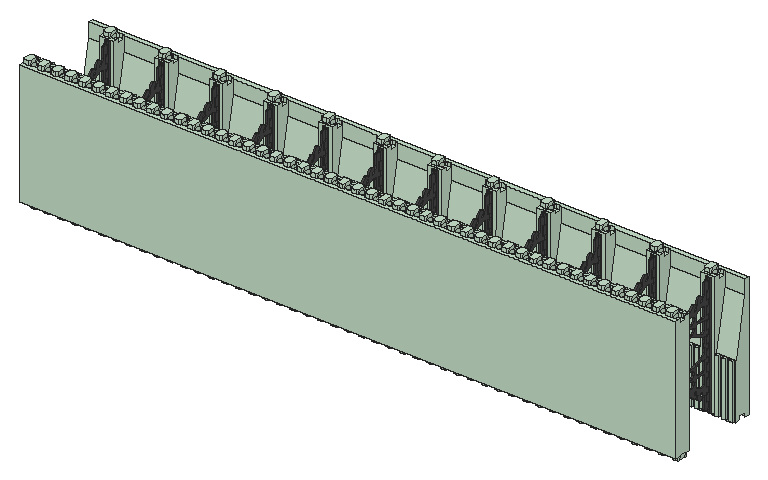
Revit family (continued)
Forms (mm)
  Extrusion 114, void
    sketch origin (2184.4, -0.018, 0) x (1, 0, 0) y (0, 1, 0)
      loop
        arc (25.4, 101.014) -> (26.615, 97.278) -> (29.796, 94.972) r 6.35
        arc (29.796, 94.972) -> (36.091, 93.737) -> (42.5, 94.024) r 26.988
        arc (42.5, 94.024) -> (43.786, 93.668) -> (44.346, 92.457) r 1.587
        line (44.346, 92.457) -> (44.346, 86.829) -> (48.685, 86.829) -> (48.685, 95.62)
        arc (48.685, 95.62) -> (48.795, 96.199) -> (49.108, 96.698) r 1.588
        arc (49.108, 96.698) -> (50.362, 98.696) -> (50.8, 101.014) r 6.35
        line (50.8, 101.014) -> (50.8, 124.411)
        arc (50.8, 124.411) -> (49.585, 128.147) -> (46.404, 130.453) r 6.35
        arc (46.404, 130.453) -> (38.1, 131.763) -> (29.796, 130.453) r 26.987
        arc (29.796, 130.453) -> (26.615, 128.147) -> (25.4, 124.411) r 6.35
    from 0 to 12.7
  Extrusion 115, void
    sketch origin (2133.6, -0.018, 0) x (1, 0, 0) y (0, 1, 0)
      loop
        line (25.4, 124.411) -> (25.4, 101.014)
        arc (25.4, 101.014) -> (26.615, 97.278) -> (29.796, 94.972) r 6.35
        arc (29.796, 94.972) -> (36.091, 93.737) -> (42.5, 94.024) r 26.988
        arc (42.5, 94.024) -> (43.786, 93.668) -> (44.346, 92.457) r 1.587
        line (44.346, 92.457) -> (44.346, 86.829) -> (48.685, 86.829) -> (48.685, 95.62)
        arc (48.685, 95.62) -> (48.795, 96.199) -> (49.108, 96.698) r 1.588
        arc (49.108, 96.698) -> (50.362, 98.696) -> (50.8, 101.014) r 6.35
        line (50.8, 101.014) -> (50.8, 124.411)
        arc (50.8, 124.411) -> (49.585, 128.147) -> (46.404, 130.453) r 6.35
        arc (46.404, 130.453) -> (38.1, 131.763) -> (29.796, 130.453) r 26.987
        arc (29.796, 130.453) -> (26.615, 128.147) -> (25.4, 124.411) r 6.35
    from 0 to 12.7
  Extrusion 116, void
    sketch origin (2082.8, -0.018, 0) x (1, 0, 0) y (0, 1, 0)
      loop
        line (25.4, 124.411) -> (25.4, 101.014)
        arc (25.4, 101.014) -> (26.615, 97.278) -> (29.796, 94.972) r 6.35
        arc (29.796, 94.972) -> (36.091, 93.737) -> (42.5, 94.024) r 26.988
        arc (42.5, 94.024) -> (43.786, 93.668) -> (44.346, 92.457) r 1.587
        line (44.346, 92.457) -> (44.346, 86.829) -> (48.685, 86.829) -> (48.685, 95.62)
        arc (48.685, 95.62) -> (48.795, 96.199) -> (49.108, 96.698) r 1.588
        arc (49.108, 96.698) -> (50.362, 98.696) -> (50.8, 101.014) r 6.35
        line (50.8, 101.014) -> (50.8, 124.411)
        arc (50.8, 124.411) -> (49.585, 128.147) -> (46.404, 130.453) r 6.35
        arc (46.404, 130.453) -> (38.1, 131.763) -> (29.796, 130.453) r 26.987
        arc (29.796, 130.453) -> (26.615, 128.147) -> (25.4, 124.411) r 6.35
    from 0 to 12.7
  Extrusion 117, void
    sketch origin (2032, -0.018, 0) x (1, 0, 0) y (0, 1, 0)
      loop
        line (25.4, 124.411) -> (25.4, 101.014)
        arc (25.4, 101.014) -> (26.615, 97.278) -> (29.796, 94.972) r 6.35
        arc (29.796, 94.972) -> (36.091, 93.737) -> (42.5, 94.024) r 26.988
        arc (42.5, 94.024) -> (43.786, 93.668) -> (44.346, 92.457) r 1.587
        line (44.346, 92.457) -> (44.346, 86.829) -> (48.685, 86.829) -> (48.685, 95.62)
        arc (48.685, 95.62) -> (48.795, 96.199) -> (49.108, 96.698) r 1.588
        arc (49.108, 96.698) -> (50.362, 98.696) -> (50.8, 101.014) r 6.35
        line (50.8, 101.014) -> (50.8, 124.411)
        arc (50.8, 124.411) -> (49.585, 128.147) -> (46.404, 130.453) r 6.35
        arc (46.404, 130.453) -> (38.1, 131.763) -> (29.796, 130.453) r 26.987
        arc (29.796, 130.453) -> (26.615, 128.147) -> (25.4, 124.411) r 6.35
    from 0 to 12.7
  Extrusion 118, void
    sketch origin (1981.2, -0.018, 0) x (1, 0, 0) y (0, 1, 0)
      loop
        line (25.4, 124.411) -> (25.4, 101.014)
        arc (25.4, 101.014) -> (26.615, 97.278) -> (29.796, 94.972) r 6.35
        arc (29.796, 94.972) -> (36.091, 93.737) -> (42.5, 94.024) r 26.988
        arc (42.5, 94.024) -> (43.786, 93.668) -> (44.346, 92.457) r 1.587
        line (44.346, 92.457) -> (44.346, 86.829) -> (48.685, 86.829) -> (48.685, 95.62)
        arc (48.685, 95.62) -> (48.795, 96.199) -> (49.108, 96.698) r 1.588
        arc (49.108, 96.698) -> (50.362, 98.696) -> (50.8, 101.014) r 6.35
        line (50.8, 101.014) -> (50.8, 124.411)
        arc (50.8, 124.411) -> (49.585, 128.147) -> (46.404, 130.453) r 6.35
        arc (46.404, 130.453) -> (38.1, 131.763) -> (29.796, 130.453) r 26.987
        arc (29.796, 130.453) -> (26.615, 128.147) -> (25.4, 124.411) r 6.35
    from 0 to 12.7
  Extrusion 119, void
    sketch origin (1930.4, -0.018, 0) x (1, 0, 0) y (0, 1, 0)
      loop
        line (25.4, 124.411) -> (25.4, 101.014)
        arc (25.4, 101.014) -> (26.615, 97.278) -> (29.796, 94.972) r 6.35
        arc (29.796, 94.972) -> (36.091, 93.737) -> (42.5, 94.024) r 26.988
        arc (42.5, 94.024) -> (43.786, 93.668) -> (44.346, 92.457) r 1.587
        line (44.346, 92.457) -> (44.346, 86.829) -> (48.685, 86.829) -> (48.685, 95.62)
        arc (48.685, 95.62) -> (48.795, 96.199) -> (49.108, 96.698) r 1.588
        arc (49.108, 96.698) -> (50.362, 98.696) -> (50.8, 101.014) r 6.35
        line (50.8, 101.014) -> (50.8, 124.411)
        arc (50.8, 124.411) -> (49.585, 128.147) -> (46.404, 130.453) r 6.35
        arc (46.404, 130.453) -> (38.1, 131.763) -> (29.796, 130.453) r 26.987
        arc (29.796, 130.453) -> (26.615, 128.147) -> (25.4, 124.411) r 6.35
    from 0 to 12.7
  Extrusion 120, void
    sketch origin (1879.6, -0.018, 0) x (1, 0, 0) y (0, 1, 0)
      loop
        line (25.4, 124.411) -> (25.4, 101.014)
        arc (25.4, 101.014) -> (26.615, 97.278) -> (29.796, 94.972) r 6.35
        arc (29.796, 94.972) -> (36.091, 93.737) -> (42.5, 94.024) r 26.988
        arc (42.5, 94.024) -> (43.786, 93.668) -> (44.346, 92.457) r 1.587
        line (44.346, 92.457) -> (44.346, 86.829) -> (48.685, 86.829) -> (48.685, 95.62)
        arc (48.685, 95.62) -> (48.795, 96.199) -> (49.108, 96.698) r 1.588
        arc (49.108, 96.698) -> (50.362, 98.696) -> (50.8, 101.014) r 6.35
        line (50.8, 101.014) -> (50.8, 124.411)
        arc (50.8, 124.411) -> (49.585, 128.147) -> (46.404, 130.453) r 6.35
        arc (46.404, 130.453) -> (38.1, 131.763) -> (29.796, 130.453) r 26.987
        arc (29.796, 130.453) -> (26.615, 128.147) -> (25.4, 124.411) r 6.35
    from 0 to 12.7
  Extrusion 121, void
    sketch origin (1828.8, -0.018, 0) x (1, 0, 0) y (0, 1, 0)
      loop
        line (25.4, 124.411) -> (25.4, 101.014)
        arc (25.4, 101.014) -> (26.615, 97.278) -> (29.796, 94.972) r 6.35
        arc (29.796, 94.972) -> (36.091, 93.737) -> (42.5, 94.024) r 26.988
        arc (42.5, 94.024) -> (43.786, 93.668) -> (44.346, 92.457) r 1.587
        line (44.346, 92.457) -> (44.346, 86.829) -> (48.685, 86.829) -> (48.685, 95.62)
        arc (48.685, 95.62) -> (48.795, 96.199) -> (49.108, 96.698) r 1.588
        arc (49.108, 96.698) -> (50.362, 98.696) -> (50.8, 101.014) r 6.35
        line (50.8, 101.014) -> (50.8, 124.411)
        arc (50.8, 124.411) -> (49.585, 128.147) -> (46.404, 130.453) r 6.35
        arc (46.404, 130.453) -> (38.1, 131.763) -> (29.796, 130.453) r 26.987
        arc (29.796, 130.453) -> (26.615, 128.147) -> (25.4, 124.411) r 6.35
    from 0 to 12.7
  Extrusion 122, void
    sketch origin (1778, -0.018, 0) x (1, 0, 0) y (0, 1, 0)
      loop
        line (25.4, 124.411) -> (25.4, 101.014)
        arc (25.4, 101.014) -> (26.615, 97.278) -> (29.796, 94.972) r 6.35
        arc (29.796, 94.972) -> (36.091, 93.737) -> (42.5, 94.024) r 26.988
        arc (42.5, 94.024) -> (43.786, 93.668) -> (44.346, 92.457) r 1.587
        line (44.346, 92.457) -> (44.346, 86.829) -> (48.685, 86.829) -> (48.685, 95.62)
        arc (48.685, 95.62) -> (48.795, 96.199) -> (49.108, 96.698) r 1.588
        arc (49.108, 96.698) -> (50.362, 98.696) -> (50.8, 101.014) r 6.35
        line (50.8, 101.014) -> (50.8, 124.411)
        arc (50.8, 124.411) -> (49.585, 128.147) -> (46.404, 130.453) r 6.35
        arc (46.404, 130.453) -> (38.1, 131.763) -> (29.796, 130.453) r 26.987
        arc (29.796, 130.453) -> (26.615, 128.147) -> (25.4, 124.411) r 6.35
    from 0 to 12.7
  Extrusion 123, void
    sketch origin (1727.2, -0.018, 0) x (1, 0, 0) y (0, 1, 0)
      loop
        line (25.4, 124.411) -> (25.4, 101.014)
        arc (25.4, 101.014) -> (26.615, 97.278) -> (29.796, 94.972) r 6.35
        arc (29.796, 94.972) -> (36.091, 93.737) -> (42.5, 94.024) r 26.988
        arc (42.5, 94.024) -> (43.786, 93.668) -> (44.346, 92.457) r 1.587
        line (44.346, 92.457) -> (44.346, 86.829) -> (48.685, 86.829) -> (48.685, 95.62)
        arc (48.685, 95.62) -> (48.795, 96.199) -> (49.108, 96.698) r 1.588
        arc (49.108, 96.698) -> (50.362, 98.696) -> (50.8, 101.014) r 6.35
        line (50.8, 101.014) -> (50.8, 124.411)
        arc (50.8, 124.411) -> (49.585, 128.147) -> (46.404, 130.453) r 6.35
        arc (46.404, 130.453) -> (38.1, 131.763) -> (29.796, 130.453) r 26.987
        arc (29.796, 130.453) -> (26.615, 128.147) -> (25.4, 124.411) r 6.35
    from 0 to 12.7
  Extrusion 124, void
    sketch origin (1676.4, -0.018, 0) x (1, 0, 0) y (0, 1, 0)
      loop
        line (25.4, 124.411) -> (25.4, 101.014)
        arc (25.4, 101.014) -> (26.615, 97.278) -> (29.796, 94.972) r 6.35
        arc (29.796, 94.972) -> (36.091, 93.737) -> (42.5, 94.024) r 26.988
        arc (42.5, 94.024) -> (43.786, 93.668) -> (44.346, 92.457) r 1.587
        line (44.346, 92.457) -> (44.346, 86.829) -> (48.685, 86.829) -> (48.685, 95.62)
        arc (48.685, 95.62) -> (48.795, 96.199) -> (49.108, 96.698) r 1.588
        arc (49.108, 96.698) -> (50.362, 98.696) -> (50.8, 101.014) r 6.35
        line (50.8, 101.014) -> (50.8, 124.411)
        arc (50.8, 124.411) -> (49.585, 128.147) -> (46.404, 130.453) r 6.35
        arc (46.404, 130.453) -> (38.1, 131.763) -> (29.796, 130.453) r 26.987
        arc (29.796, 130.453) -> (26.615, 128.147) -> (25.4, 124.411) r 6.35
    from 0 to 12.7
  Extrusion 125, void
    sketch origin (1625.6, -0.018, 0) x (1, 0, 0) y (0, 1, 0)
      loop
        line (25.4, 124.411) -> (25.4, 101.014)
        arc (25.4, 101.014) -> (26.615, 97.278) -> (29.796, 94.972) r 6.35
        arc (29.796, 94.972) -> (36.091, 93.737) -> (42.5, 94.024) r 26.988
        arc (42.5, 94.024) -> (43.786, 93.668) -> (44.346, 92.457) r 1.587
        line (44.346, 92.457) -> (44.346, 86.829) -> (48.685, 86.829) -> (48.685, 95.62)
        arc (48.685, 95.62) -> (48.795, 96.199) -> (49.108, 96.698) r 1.588
        arc (49.108, 96.698) -> (50.362, 98.696) -> (50.8, 101.014) r 6.35
        line (50.8, 101.014) -> (50.8, 124.411)
        arc (50.8, 124.411) -> (49.585, 128.147) -> (46.404, 130.453) r 6.35
        arc (46.404, 130.453) -> (38.1, 131.763) -> (29.796, 130.453) r 26.987
        arc (29.796, 130.453) -> (26.615, 128.147) -> (25.4, 124.411) r 6.35
    from 0 to 12.7
  Extrusion 126, void
    sketch origin (1574.8, -0.018, 0) x (1, 0, 0) y (0, 1, 0)
      loop
        line (25.4, 124.411) -> (25.4, 101.014)
        arc (25.4, 101.014) -> (26.615, 97.278) -> (29.796, 94.972) r 6.35
        arc (29.796, 94.972) -> (36.091, 93.737) -> (42.5, 94.024) r 26.988
        arc (42.5, 94.024) -> (43.786, 93.668) -> (44.346, 92.457) r 1.587
        line (44.346, 92.457) -> (44.346, 86.829) -> (48.685, 86.829) -> (48.685, 95.62)
        arc (48.685, 95.62) -> (48.795, 96.199) -> (49.108, 96.698) r 1.588
        arc (49.108, 96.698) -> (50.362, 98.696) -> (50.8, 101.014) r 6.35
        line (50.8, 101.014) -> (50.8, 124.411)
        arc (50.8, 124.411) -> (49.585, 128.147) -> (46.404, 130.453) r 6.35
        arc (46.404, 130.453) -> (38.1, 131.763) -> (29.796, 130.453) r 26.987
        arc (29.796, 130.453) -> (26.615, 128.147) -> (25.4, 124.411) r 6.35
    from 0 to 12.7
  Extrusion 127, void
    sketch origin (1524, -0.018, 0) x (1, 0, 0) y (0, 1, 0)
      loop
        line (25.4, 124.411) -> (25.4, 101.014)
        arc (25.4, 101.014) -> (26.615, 97.278) -> (29.796, 94.972) r 6.35
        arc (29.796, 94.972) -> (36.091, 93.737) -> (42.5, 94.024) r 26.988
        arc (42.5, 94.024) -> (43.786, 93.668) -> (44.346, 92.457) r 1.587
        line (44.346, 92.457) -> (44.346, 86.829) -> (48.685, 86.829) -> (48.685, 95.62)
        arc (48.685, 95.62) -> (48.795, 96.199) -> (49.108, 96.698) r 1.588
        arc (49.108, 96.698) -> (50.362, 98.696) -> (50.8, 101.014) r 6.35
        line (50.8, 101.014) -> (50.8, 124.411)
        arc (50.8, 124.411) -> (49.585, 128.147) -> (46.404, 130.453) r 6.35
        arc (46.404, 130.453) -> (38.1, 131.763) -> (29.796, 130.453) r 26.987
        arc (29.796, 130.453) -> (26.615, 128.147) -> (25.4, 124.411) r 6.35
    from 0 to 12.7
  Extrusion 128, void
    sketch origin (1473.2, -0.018, 0) x (1, 0, 0) y (0, 1, 0)
      loop
        line (25.4, 124.411) -> (25.4, 101.014)
        arc (25.4, 101.014) -> (26.615, 97.278) -> (29.796, 94.972) r 6.35
        arc (29.796, 94.972) -> (36.091, 93.737) -> (42.5, 94.024) r 26.988
        arc (42.5, 94.024) -> (43.786, 93.668) -> (44.346, 92.457) r 1.587
        line (44.346, 92.457) -> (44.346, 86.829) -> (48.685, 86.829) -> (48.685, 95.62)
        arc (48.685, 95.62) -> (48.795, 96.199) -> (49.108, 96.698) r 1.588
        arc (49.108, 96.698) -> (50.362, 98.696) -> (50.8, 101.014) r 6.35
        line (50.8, 101.014) -> (50.8, 124.411)
        arc (50.8, 124.411) -> (49.585, 128.147) -> (46.404, 130.453) r 6.35
        arc (46.404, 130.453) -> (38.1, 131.763) -> (29.796, 130.453) r 26.987
        arc (29.796, 130.453) -> (26.615, 128.147) -> (25.4, 124.411) r 6.35
    from 0 to 12.7
  Extrusion 129, void
    sketch origin (1422.4, -0.018, 0) x (1, 0, 0) y (0, 1, 0)
      loop
        line (25.4, 124.411) -> (25.4, 101.014)
        arc (25.4, 101.014) -> (26.615, 97.278) -> (29.796, 94.972) r 6.35
        arc (29.796, 94.972) -> (36.091, 93.737) -> (42.5, 94.024) r 26.988
        arc (42.5, 94.024) -> (43.786, 93.668) -> (44.346, 92.457) r 1.587
        line (44.346, 92.457) -> (44.346, 86.829) -> (48.685, 86.829) -> (48.685, 95.62)
        arc (48.685, 95.62) -> (48.795, 96.199) -> (49.108, 96.698) r 1.588
        arc (49.108, 96.698) -> (50.362, 98.696) -> (50.8, 101.014) r 6.35
        line (50.8, 101.014) -> (50.8, 124.411)
        arc (50.8, 124.411) -> (49.585, 128.147) -> (46.404, 130.453) r 6.35
        arc (46.404, 130.453) -> (38.1, 131.763) -> (29.796, 130.453) r 26.987
        arc (29.796, 130.453) -> (26.615, 128.147) -> (25.4, 124.411) r 6.35
    from 0 to 12.7
  Extrusion 130, void
    sketch origin (1371.6, -0.018, 0) x (1, 0, 0) y (0, 1, 0)
      loop
        line (25.4, 124.411) -> (25.4, 101.014)
        arc (25.4, 101.014) -> (26.615, 97.278) -> (29.796, 94.972) r 6.35
        arc (29.796, 94.972) -> (36.091, 93.737) -> (42.5, 94.024) r 26.988
        arc (42.5, 94.024) -> (43.786, 93.668) -> (44.346, 92.457) r 1.587
        line (44.346, 92.457) -> (44.346, 86.829) -> (48.685, 86.829) -> (48.685, 95.62)
        arc (48.685, 95.62) -> (48.795, 96.199) -> (49.108, 96.698) r 1.588
        arc (49.108, 96.698) -> (50.362, 98.696) -> (50.8, 101.014) r 6.35
        line (50.8, 101.014) -> (50.8, 124.411)
        arc (50.8, 124.411) -> (49.585, 128.147) -> (46.404, 130.453) r 6.35
        arc (46.404, 130.453) -> (38.1, 131.763) -> (29.796, 130.453) r 26.987
        arc (29.796, 130.453) -> (26.615, 128.147) -> (25.4, 124.411) r 6.35
    from 0 to 12.7
  Extrusion 131, void
    sketch origin (1320.8, -0.018, 0) x (1, 0, 0) y (0, 1, 0)
      loop
        line (25.4, 124.411) -> (25.4, 101.014)
        arc (25.4, 101.014) -> (26.615, 97.278) -> (29.796, 94.972) r 6.35
        arc (29.796, 94.972) -> (36.091, 93.737) -> (42.5, 94.024) r 26.988
        arc (42.5, 94.024) -> (43.786, 93.668) -> (44.346, 92.457) r 1.587
        line (44.346, 92.457) -> (44.346, 86.829) -> (48.685, 86.829) -> (48.685, 95.62)
        arc (48.685, 95.62) -> (48.795, 96.199) -> (49.108, 96.698) r 1.588
        arc (49.108, 96.698) -> (50.362, 98.696) -> (50.8, 101.014) r 6.35
        line (50.8, 101.014) -> (50.8, 124.411)
        arc (50.8, 124.411) -> (49.585, 128.147) -> (46.404, 130.453) r 6.35
        arc (46.404, 130.453) -> (38.1, 131.763) -> (29.796, 130.453) r 26.987
        arc (29.796, 130.453) -> (26.615, 128.147) -> (25.4, 124.411) r 6.35
    from 0 to 12.7
  Extrusion 132, void
    sketch origin (1270, -0.018, 0) x (1, 0, 0) y (0, 1, 0)
      loop
        line (25.4, 124.411) -> (25.4, 101.014)
        arc (25.4, 101.014) -> (26.615, 97.278) -> (29.796, 94.972) r 6.35
        arc (29.796, 94.972) -> (36.091, 93.737) -> (42.5, 94.024) r 26.988
        arc (42.5, 94.024) -> (43.786, 93.668) -> (44.346, 92.457) r 1.587
        line (44.346, 92.457) -> (44.346, 86.829) -> (48.685, 86.829) -> (48.685, 95.62)
        arc (48.685, 95.62) -> (48.795, 96.199) -> (49.108, 96.698) r 1.588
        arc (49.108, 96.698) -> (50.362, 98.696) -> (50.8, 101.014) r 6.35
        line (50.8, 101.014) -> (50.8, 124.411)
        arc (50.8, 124.411) -> (49.585, 128.147) -> (46.404, 130.453) r 6.35
        arc (46.404, 130.453) -> (38.1, 131.763) -> (29.796, 130.453) r 26.987
        arc (29.796, 130.453) -> (26.615, 128.147) -> (25.4, 124.411) r 6.35
    from 0 to 12.7
  Extrusion 133, void
    sketch origin (1219.2, -0.018, 0) x (1, 0, 0) y (0, 1, 0)
      loop
        line (25.4, 124.411) -> (25.4, 101.014)
        arc (25.4, 101.014) -> (26.615, 97.278) -> (29.796, 94.972) r 6.35
        arc (29.796, 94.972) -> (36.091, 93.737) -> (42.5, 94.024) r 26.988
        arc (42.5, 94.024) -> (43.786, 93.668) -> (44.346, 92.457) r 1.587
        line (44.346, 92.457) -> (44.346, 86.829) -> (48.685, 86.829) -> (48.685, 95.62)
        arc (48.685, 95.62) -> (48.795, 96.199) -> (49.108, 96.698) r 1.588
        arc (49.108, 96.698) -> (50.362, 98.696) -> (50.8, 101.014) r 6.35
        line (50.8, 101.014) -> (50.8, 124.411)
        arc (50.8, 124.411) -> (49.585, 128.147) -> (46.404, 130.453) r 6.35
        arc (46.404, 130.453) -> (38.1, 131.763) -> (29.796, 130.453) r 26.987
        arc (29.796, 130.453) -> (26.615, 128.147) -> (25.4, 124.411) r 6.35
    from 0 to 12.7
  Extrusion 134, void
    sketch origin (1168.4, -0.018, 0) x (1, 0, 0) y (0, 1, 0)
      loop
        line (25.4, 124.411) -> (25.4, 101.014)
        arc (25.4, 101.014) -> (26.615, 97.278) -> (29.796, 94.972) r 6.35
        arc (29.796, 94.972) -> (36.091, 93.737) -> (42.5, 94.024) r 26.988
        arc (42.5, 94.024) -> (43.786, 93.668) -> (44.346, 92.457) r 1.587
        line (44.346, 92.457) -> (44.346, 86.829) -> (48.685, 86.829) -> (48.685, 95.62)
        arc (48.685, 95.62) -> (48.795, 96.199) -> (49.108, 96.698) r 1.588
        arc (49.108, 96.698) -> (50.362, 98.696) -> (50.8, 101.014) r 6.35
        line (50.8, 101.014) -> (50.8, 124.411)
        arc (50.8, 124.411) -> (49.585, 128.147) -> (46.404, 130.453) r 6.35
        arc (46.404, 130.453) -> (38.1, 131.763) -> (29.796, 130.453) r 26.987
        arc (29.796, 130.453) -> (26.615, 128.147) -> (25.4, 124.411) r 6.35
    from 0 to 12.7
  Extrusion 135, void
    sketch origin (1117.6, -0.018, 0) x (1, 0, 0) y (0, 1, 0)
      loop
        line (25.4, 124.411) -> (25.4, 101.014)
        arc (25.4, 101.014) -> (26.615, 97.278) -> (29.796, 94.972) r 6.35
        arc (29.796, 94.972) -> (36.091, 93.737) -> (42.5, 94.024) r 26.988
        arc (42.5, 94.024) -> (43.786, 93.668) -> (44.346, 92.457) r 1.587
        line (44.346, 92.457) -> (44.346, 86.829) -> (48.685, 86.829) -> (48.685, 95.62)
        arc (48.685, 95.62) -> (48.795, 96.199) -> (49.108, 96.698) r 1.588
        arc (49.108, 96.698) -> (50.362, 98.696) -> (50.8, 101.014) r 6.35
        line (50.8, 101.014) -> (50.8, 124.411)
        arc (50.8, 124.411) -> (49.585, 128.147) -> (46.404, 130.453) r 6.35
        arc (46.404, 130.453) -> (38.1, 131.763) -> (29.796, 130.453) r 26.987
        arc (29.796, 130.453) -> (26.615, 128.147) -> (25.4, 124.411) r 6.35
    from 0 to 12.7
  Extrusion 136, void
    sketch origin (1066.8, -0.018, 0) x (1, 0, 0) y (0, 1, 0)
      loop
        line (25.4, 124.411) -> (25.4, 101.014)
        arc (25.4, 101.014) -> (26.615, 97.278) -> (29.796, 94.972) r 6.35
        arc (29.796, 94.972) -> (36.091, 93.737) -> (42.5, 94.024) r 26.988
        arc (42.5, 94.024) -> (43.786, 93.668) -> (44.346, 92.457) r 1.587
        line (44.346, 92.457) -> (44.346, 86.829) -> (48.685, 86.829) -> (48.685, 95.62)
        arc (48.685, 95.62) -> (48.795, 96.199) -> (49.108, 96.698) r 1.588
        arc (49.108, 96.698) -> (50.362, 98.696) -> (50.8, 101.014) r 6.35
        line (50.8, 101.014) -> (50.8, 124.411)
        arc (50.8, 124.411) -> (49.585, 128.147) -> (46.404, 130.453) r 6.35
        arc (46.404, 130.453) -> (38.1, 131.763) -> (29.796, 130.453) r 26.987
        arc (29.796, 130.453) -> (26.615, 128.147) -> (25.4, 124.411) r 6.35
    from 0 to 12.7
  Extrusion 137, void
    sketch origin (1016, -0.018, 0) x (1, 0, 0) y (0, 1, 0)
      loop
        line (25.4, 124.411) -> (25.4, 101.014)
        arc (25.4, 101.014) -> (26.615, 97.278) -> (29.796, 94.972) r 6.35
        arc (29.796, 94.972) -> (36.091, 93.737) -> (42.5, 94.024) r 26.988
        arc (42.5, 94.024) -> (43.786, 93.668) -> (44.346, 92.457) r 1.587
        line (44.346, 92.457) -> (44.346, 86.829) -> (48.685, 86.829) -> (48.685, 95.62)
        arc (48.685, 95.62) -> (48.795, 96.199) -> (49.108, 96.698) r 1.588
        arc (49.108, 96.698) -> (50.362, 98.696) -> (50.8, 101.014) r 6.35
        line (50.8, 101.014) -> (50.8, 124.411)
        arc (50.8, 124.411) -> (49.585, 128.147) -> (46.404, 130.453) r 6.35
        arc (46.404, 130.453) -> (38.1, 131.763) -> (29.796, 130.453) r 26.987
        arc (29.796, 130.453) -> (26.615, 128.147) -> (25.4, 124.411) r 6.35
    from 0 to 12.7
  Extrusion 138, void
    sketch origin (965.2, -0.018, 0) x (1, 0, 0) y (0, 1, 0)
      loop
        line (25.4, 124.411) -> (25.4, 101.014)
        arc (25.4, 101.014) -> (26.615, 97.278) -> (29.796, 94.972) r 6.35
        arc (29.796, 94.972) -> (36.091, 93.737) -> (42.5, 94.024) r 26.988
        arc (42.5, 94.024) -> (43.786, 93.668) -> (44.346, 92.457) r 1.587
        line (44.346, 92.457) -> (44.346, 86.829) -> (48.685, 86.829) -> (48.685, 95.62)
        arc (48.685, 95.62) -> (48.795, 96.199) -> (49.108, 96.698) r 1.588
        arc (49.108, 96.698) -> (50.362, 98.696) -> (50.8, 101.014) r 6.35
        line (50.8, 101.014) -> (50.8, 124.411)
        arc (50.8, 124.411) -> (49.585, 128.147) -> (46.404, 130.453) r 6.35
        arc (46.404, 130.453) -> (38.1, 131.763) -> (29.796, 130.453) r 26.987
        arc (29.796, 130.453) -> (26.615, 128.147) -> (25.4, 124.411) r 6.35
    from 0 to 12.7
  Extrusion 139, void
    sketch origin (914.4, -0.018, 0) x (1, 0, 0) y (0, 1, 0)
      loop
        line (25.4, 124.411) -> (25.4, 101.014)
        arc (25.4, 101.014) -> (26.615, 97.278) -> (29.796, 94.972) r 6.35
        arc (29.796, 94.972) -> (36.091, 93.737) -> (42.5, 94.024) r 26.988
        arc (42.5, 94.024) -> (43.786, 93.668) -> (44.346, 92.457) r 1.587
        line (44.346, 92.457) -> (44.346, 86.829) -> (48.685, 86.829) -> (48.685, 95.62)
        arc (48.685, 95.62) -> (48.795, 96.199) -> (49.108, 96.698) r 1.588
        arc (49.108, 96.698) -> (50.362, 98.696) -> (50.8, 101.014) r 6.35
        line (50.8, 101.014) -> (50.8, 124.411)
        arc (50.8, 124.411) -> (49.585, 128.147) -> (46.404, 130.453) r 6.35
        arc (46.404, 130.453) -> (38.1, 131.763) -> (29.796, 130.453) r 26.987
        arc (29.796, 130.453) -> (26.615, 128.147) -> (25.4, 124.411) r 6.35
    from 0 to 12.7
  Extrusion 140, void
    sketch origin (863.6, -0.018, 0) x (1, 0, 0) y (0, 1, 0)
      loop
        line (25.4, 124.411) -> (25.4, 101.014)
        arc (25.4, 101.014) -> (26.615, 97.278) -> (29.796, 94.972) r 6.35
        arc (29.796, 94.972) -> (36.091, 93.737) -> (42.5, 94.024) r 26.988
        arc (42.5, 94.024) -> (43.786, 93.668) -> (44.346, 92.457) r 1.587
        line (44.346, 92.457) -> (44.346, 86.829) -> (48.685, 86.829) -> (48.685, 95.62)
        arc (48.685, 95.62) -> (48.795, 96.199) -> (49.108, 96.698) r 1.588
        arc (49.108, 96.698) -> (50.362, 98.696) -> (50.8, 101.014) r 6.35
        line (50.8, 101.014) -> (50.8, 124.411)
        arc (50.8, 124.411) -> (49.585, 128.147) -> (46.404, 130.453) r 6.35
        arc (46.404, 130.453) -> (38.1, 131.763) -> (29.796, 130.453) r 26.987
        arc (29.796, 130.453) -> (26.615, 128.147) -> (25.4, 124.411) r 6.35
    from 0 to 12.7
  Extrusion 141, void
    sketch origin (812.8, -0.018, 0) x (1, 0, 0) y (0, 1, 0)
      loop
        line (25.4, 124.411) -> (25.4, 101.014)
        arc (25.4, 101.014) -> (26.615, 97.278) -> (29.796, 94.972) r 6.35
        arc (29.796, 94.972) -> (36.091, 93.737) -> (42.5, 94.024) r 26.988
        arc (42.5, 94.024) -> (43.786, 93.668) -> (44.346, 92.457) r 1.587
        line (44.346, 92.457) -> (44.346, 86.829) -> (48.685, 86.829) -> (48.685, 95.62)
        arc (48.685, 95.62) -> (48.795, 96.199) -> (49.108, 96.698) r 1.588
        arc (49.108, 96.698) -> (50.362, 98.696) -> (50.8, 101.014) r 6.35
        line (50.8, 101.014) -> (50.8, 124.411)
        arc (50.8, 124.411) -> (49.585, 128.147) -> (46.404, 130.453) r 6.35
        arc (46.404, 130.453) -> (38.1, 131.763) -> (29.796, 130.453) r 26.987
        arc (29.796, 130.453) -> (26.615, 128.147) -> (25.4, 124.411) r 6.35
    from 0 to 12.7
  Extrusion 142, void
    sketch origin (762, -0.018, 0) x (1, 0, 0) y (0, 1, 0)
      loop
        line (25.4, 124.411) -> (25.4, 101.014)
        arc (25.4, 101.014) -> (26.615, 97.278) -> (29.796, 94.972) r 6.35
        arc (29.796, 94.972) -> (36.091, 93.737) -> (42.5, 94.024) r 26.988
        arc (42.5, 94.024) -> (43.786, 93.668) -> (44.346, 92.457) r 1.587
        line (44.346, 92.457) -> (44.346, 86.829) -> (48.685, 86.829) -> (48.685, 95.62)
        arc (48.685, 95.62) -> (48.795, 96.199) -> (49.108, 96.698) r 1.588
        arc (49.108, 96.698) -> (50.362, 98.696) -> (50.8, 101.014) r 6.35
        line (50.8, 101.014) -> (50.8, 124.411)
        arc (50.8, 124.411) -> (49.585, 128.147) -> (46.404, 130.453) r 6.35
        arc (46.404, 130.453) -> (38.1, 131.763) -> (29.796, 130.453) r 26.987
        arc (29.796, 130.453) -> (26.615, 128.147) -> (25.4, 124.411) r 6.35
    from 0 to 12.7
  Extrusion 143, void
    sketch origin (711.2, -0.018, 0) x (1, 0, 0) y (0, 1, 0)
      loop
        line (25.4, 124.411) -> (25.4, 101.014)
        arc (25.4, 101.014) -> (26.615, 97.278) -> (29.796, 94.972) r 6.35
        arc (29.796, 94.972) -> (36.091, 93.737) -> (42.5, 94.024) r 26.988
        arc (42.5, 94.024) -> (43.786, 93.668) -> (44.346, 92.457) r 1.587
        line (44.346, 92.457) -> (44.346, 86.829) -> (48.685, 86.829) -> (48.685, 95.62)
        arc (48.685, 95.62) -> (48.795, 96.199) -> (49.108, 96.698) r 1.588
        arc (49.108, 96.698) -> (50.362, 98.696) -> (50.8, 101.014) r 6.35
        line (50.8, 101.014) -> (50.8, 124.411)
        arc (50.8, 124.411) -> (49.585, 128.147) -> (46.404, 130.453) r 6.35
        arc (46.404, 130.453) -> (38.1, 131.763) -> (29.796, 130.453) r 26.987
        arc (29.796, 130.453) -> (26.615, 128.147) -> (25.4, 124.411) r 6.35
    from 0 to 12.7
  Extrusion 144, void
    sketch origin (660.4, -0.018, 0) x (1, 0, 0) y (0, 1, 0)
      loop
        line (25.4, 124.411) -> (25.4, 101.014)
        arc (25.4, 101.014) -> (26.615, 97.278) -> (29.796, 94.972) r 6.35
        arc (29.796, 94.972) -> (36.091, 93.737) -> (42.5, 94.024) r 26.988
        arc (42.5, 94.024) -> (43.786, 93.668) -> (44.346, 92.457) r 1.587
        line (44.346, 92.457) -> (44.346, 86.829) -> (48.685, 86.829) -> (48.685, 95.62)
        arc (48.685, 95.62) -> (48.795, 96.199) -> (49.108, 96.698) r 1.588
        arc (49.108, 96.698) -> (50.362, 98.696) -> (50.8, 101.014) r 6.35
        line (50.8, 101.014) -> (50.8, 124.411)
        arc (50.8, 124.411) -> (49.585, 128.147) -> (46.404, 130.453) r 6.35
        arc (46.404, 130.453) -> (38.1, 131.763) -> (29.796, 130.453) r 26.987
        arc (29.796, 130.453) -> (26.615, 128.147) -> (25.4, 124.411) r 6.35
    from 0 to 12.7
  Extrusion 145, void
    sketch origin (609.6, -0.018, 0) x (1, 0, 0) y (0, 1, 0)
      loop
        line (25.4, 124.411) -> (25.4, 101.014)
        arc (25.4, 101.014) -> (26.615, 97.278) -> (29.796, 94.972) r 6.35
        arc (29.796, 94.972) -> (36.091, 93.737) -> (42.5, 94.024) r 26.988
        arc (42.5, 94.024) -> (43.786, 93.668) -> (44.346, 92.457) r 1.587
        line (44.346, 92.457) -> (44.346, 86.829) -> (48.685, 86.829) -> (48.685, 95.62)
        arc (48.685, 95.62) -> (48.795, 96.199) -> (49.108, 96.698) r 1.588
        arc (49.108, 96.698) -> (50.362, 98.696) -> (50.8, 101.014) r 6.35
        line (50.8, 101.014) -> (50.8, 124.411)
        arc (50.8, 124.411) -> (49.585, 128.147) -> (46.404, 130.453) r 6.35
        arc (46.404, 130.453) -> (38.1, 131.763) -> (29.796, 130.453) r 26.987
        arc (29.796, 130.453) -> (26.615, 128.147) -> (25.4, 124.411) r 6.35
    from 0 to 12.7
  Extrusion 146, void
    sketch origin (558.8, -0.018, 0) x (1, 0, 0) y (0, 1, 0)
      loop
        line (25.4, 124.411) -> (25.4, 101.014)
        arc (25.4, 101.014) -> (26.615, 97.278) -> (29.796, 94.972) r 6.35
        arc (29.796, 94.972) -> (36.091, 93.737) -> (42.5, 94.024) r 26.988
        arc (42.5, 94.024) -> (43.786, 93.668) -> (44.346, 92.457) r 1.587
        line (44.346, 92.457) -> (44.346, 86.829) -> (48.685, 86.829) -> (48.685, 95.62)
        arc (48.685, 95.62) -> (48.795, 96.199) -> (49.108, 96.698) r 1.588
        arc (49.108, 96.698) -> (50.362, 98.696) -> (50.8, 101.014) r 6.35
        line (50.8, 101.014) -> (50.8, 124.411)
        arc (50.8, 124.411) -> (49.585, 128.147) -> (46.404, 130.453) r 6.35
        arc (46.404, 130.453) -> (38.1, 131.763) -> (29.796, 130.453) r 26.987
        arc (29.796, 130.453) -> (26.615, 128.147) -> (25.4, 124.411) r 6.35
    from 0 to 12.7
  Extrusion 147, void
    sketch origin (508, -0.018, 0) x (1, 0, 0) y (0, 1, 0)
      loop
        line (25.4, 124.411) -> (25.4, 101.014)
        arc (25.4, 101.014) -> (26.615, 97.278) -> (29.796, 94.972) r 6.35
        arc (29.796, 94.972) -> (36.091, 93.737) -> (42.5, 94.024) r 26.988
        arc (42.5, 94.024) -> (43.786, 93.668) -> (44.346, 92.457) r 1.587
        line (44.346, 92.457) -> (44.346, 86.829) -> (48.685, 86.829) -> (48.685, 95.62)
        arc (48.685, 95.62) -> (48.795, 96.199) -> (49.108, 96.698) r 1.588
        arc (49.108, 96.698) -> (50.362, 98.696) -> (50.8, 101.014) r 6.35
        line (50.8, 101.014) -> (50.8, 124.411)
        arc (50.8, 124.411) -> (49.585, 128.147) -> (46.404, 130.453) r 6.35
        arc (46.404, 130.453) -> (38.1, 131.763) -> (29.796, 130.453) r 26.987
        arc (29.796, 130.453) -> (26.615, 128.147) -> (25.4, 124.411) r 6.35
    from 0 to 12.7
  Extrusion 148, void
    sketch origin (457.2, -0.018, 0) x (1, 0, 0) y (0, 1, 0)
      loop
        line (25.4, 124.411) -> (25.4, 101.014)
        arc (25.4, 101.014) -> (26.615, 97.278) -> (29.796, 94.972) r 6.35
        arc (29.796, 94.972) -> (36.091, 93.737) -> (42.5, 94.024) r 26.988
        arc (42.5, 94.024) -> (43.786, 93.668) -> (44.346, 92.457) r 1.587
        line (44.346, 92.457) -> (44.346, 86.829) -> (48.685, 86.829) -> (48.685, 95.62)
        arc (48.685, 95.62) -> (48.795, 96.199) -> (49.108, 96.698) r 1.588
        arc (49.108, 96.698) -> (50.362, 98.696) -> (50.8, 101.014) r 6.35
        line (50.8, 101.014) -> (50.8, 124.411)
        arc (50.8, 124.411) -> (49.585, 128.147) -> (46.404, 130.453) r 6.35
        arc (46.404, 130.453) -> (38.1, 131.763) -> (29.796, 130.453) r 26.987
        arc (29.796, 130.453) -> (26.615, 128.147) -> (25.4, 124.411) r 6.35
    from 0 to 12.7
  Extrusion 149, void
    sketch origin (406.4, -0.018, 0) x (1, 0, 0) y (0, 1, 0)
      loop
        line (25.4, 124.411) -> (25.4, 101.014)
        arc (25.4, 101.014) -> (26.615, 97.278) -> (29.796, 94.972) r 6.35
        arc (29.796, 94.972) -> (36.091, 93.737) -> (42.5, 94.024) r 26.988
        arc (42.5, 94.024) -> (43.786, 93.668) -> (44.346, 92.457) r 1.587
        line (44.346, 92.457) -> (44.346, 86.829) -> (48.685, 86.829) -> (48.685, 95.62)
        arc (48.685, 95.62) -> (48.795, 96.199) -> (49.108, 96.698) r 1.588
        arc (49.108, 96.698) -> (50.362, 98.696) -> (50.8, 101.014) r 6.35
        line (50.8, 101.014) -> (50.8, 124.411)
        arc (50.8, 124.411) -> (49.585, 128.147) -> (46.404, 130.453) r 6.35
        arc (46.404, 130.453) -> (38.1, 131.763) -> (29.796, 130.453) r 26.987
        arc (29.796, 130.453) -> (26.615, 128.147) -> (25.4, 124.411) r 6.35
    from 0 to 12.7
  Extrusion 150, void
    sketch origin (355.6, -0.018, 0) x (1, 0, 0) y (0, 1, 0)
      loop
        line (25.4, 124.411) -> (25.4, 101.014)
        arc (25.4, 101.014) -> (26.615, 97.278) -> (29.796, 94.972) r 6.35
        arc (29.796, 94.972) -> (36.091, 93.737) -> (42.5, 94.024) r 26.988
        arc (42.5, 94.024) -> (43.786, 93.668) -> (44.346, 92.457) r 1.587
        line (44.346, 92.457) -> (44.346, 86.829) -> (48.685, 86.829) -> (48.685, 95.62)
        arc (48.685, 95.62) -> (48.795, 96.199) -> (49.108, 96.698) r 1.588
        arc (49.108, 96.698) -> (50.362, 98.696) -> (50.8, 101.014) r 6.35
        line (50.8, 101.014) -> (50.8, 124.411)
        arc (50.8, 124.411) -> (49.585, 128.147) -> (46.404, 130.453) r 6.35
        arc (46.404, 130.453) -> (38.1, 131.763) -> (29.796, 130.453) r 26.987
        arc (29.796, 130.453) -> (26.615, 128.147) -> (25.4, 124.411) r 6.35
    from 0 to 12.7
  Extrusion 151, void
    sketch origin (304.8, -0.018, 0) x (1, 0, 0) y (0, 1, 0)
      loop
        line (25.4, 124.411) -> (25.4, 101.014)
        arc (25.4, 101.014) -> (26.615, 97.278) -> (29.796, 94.972) r 6.35
        arc (29.796, 94.972) -> (36.091, 93.737) -> (42.5, 94.024) r 26.988
        arc (42.5, 94.024) -> (43.786, 93.668) -> (44.346, 92.457) r 1.587
        line (44.346, 92.457) -> (44.346, 86.829) -> (48.685, 86.829) -> (48.685, 95.62)
        arc (48.685, 95.62) -> (48.795, 96.199) -> (49.108, 96.698) r 1.588
        arc (49.108, 96.698) -> (50.362, 98.696) -> (50.8, 101.014) r 6.35
        line (50.8, 101.014) -> (50.8, 124.411)
        arc (50.8, 124.411) -> (49.585, 128.147) -> (46.404, 130.453) r 6.35
        arc (46.404, 130.453) -> (38.1, 131.763) -> (29.796, 130.453) r 26.987
        arc (29.796, 130.453) -> (26.615, 128.147) -> (25.4, 124.411) r 6.35
    from 0 to 12.7
  Extrusion 152, void
    sketch origin (254, -0.018, 0) x (1, 0, 0) y (0, 1, 0)
      loop
        line (25.4, 124.411) -> (25.4, 101.014)
        arc (25.4, 101.014) -> (26.615, 97.278) -> (29.796, 94.972) r 6.35
        arc (29.796, 94.972) -> (36.091, 93.737) -> (42.5, 94.024) r 26.988
        arc (42.5, 94.024) -> (43.786, 93.668) -> (44.346, 92.457) r 1.587
        line (44.346, 92.457) -> (44.346, 86.829) -> (48.685, 86.829) -> (48.685, 95.62)
        arc (48.685, 95.62) -> (48.795, 96.199) -> (49.108, 96.698) r 1.588
        arc (49.108, 96.698) -> (50.362, 98.696) -> (50.8, 101.014) r 6.35
        line (50.8, 101.014) -> (50.8, 124.411)
        arc (50.8, 124.411) -> (49.585, 128.147) -> (46.404, 130.453) r 6.35
        arc (46.404, 130.453) -> (38.1, 131.763) -> (29.796, 130.453) r 26.987
        arc (29.796, 130.453) -> (26.615, 128.147) -> (25.4, 124.411) r 6.35
    from 0 to 12.7
  Extrusion 153, void
    sketch origin (203.2, -0.018, 0) x (1, 0, 0) y (0, 1, 0)
      loop
        line (25.4, 124.411) -> (25.4, 101.014)
        arc (25.4, 101.014) -> (26.615, 97.278) -> (29.796, 94.972) r 6.35
        arc (29.796, 94.972) -> (36.091, 93.737) -> (42.5, 94.024) r 26.988
        arc (42.5, 94.024) -> (43.786, 93.668) -> (44.346, 92.457) r 1.587
        line (44.346, 92.457) -> (44.346, 86.829) -> (48.685, 86.829) -> (48.685, 95.62)
        arc (48.685, 95.62) -> (48.795, 96.199) -> (49.108, 96.698) r 1.588
        arc (49.108, 96.698) -> (50.362, 98.696) -> (50.8, 101.014) r 6.35
        line (50.8, 101.014) -> (50.8, 124.411)
        arc (50.8, 124.411) -> (49.585, 128.147) -> (46.404, 130.453) r 6.35
        arc (46.404, 130.453) -> (38.1, 131.763) -> (29.796, 130.453) r 26.987
        arc (29.796, 130.453) -> (26.615, 128.147) -> (25.4, 124.411) r 6.35
    from 0 to 12.7
  Extrusion 154, void
    sketch origin (152.4, -0.018, 0) x (1, 0, 0) y (0, 1, 0)
      loop
        line (25.4, 124.411) -> (25.4, 101.014)
        arc (25.4, 101.014) -> (26.615, 97.278) -> (29.796, 94.972) r 6.35
        arc (29.796, 94.972) -> (36.091, 93.737) -> (42.5, 94.024) r 26.988
        arc (42.5, 94.024) -> (43.786, 93.668) -> (44.346, 92.457) r 1.587
        line (44.346, 92.457) -> (44.346, 86.829) -> (48.685, 86.829) -> (48.685, 95.62)
        arc (48.685, 95.62) -> (48.795, 96.199) -> (49.108, 96.698) r 1.588
        arc (49.108, 96.698) -> (50.362, 98.696) -> (50.8, 101.014) r 6.35
        line (50.8, 101.014) -> (50.8, 124.411)
        arc (50.8, 124.411) -> (49.585, 128.147) -> (46.404, 130.453) r 6.35
        arc (46.404, 130.453) -> (38.1, 131.763) -> (29.796, 130.453) r 26.987
        arc (29.796, 130.453) -> (26.615, 128.147) -> (25.4, 124.411) r 6.35
    from 0 to 12.7
  Extrusion 155, void
    sketch origin (101.6, -0.018, 0) x (1, 0, 0) y (0, 1, 0)
      loop
        line (25.4, 124.411) -> (25.4, 101.014)
        arc (25.4, 101.014) -> (26.615, 97.278) -> (29.796, 94.972) r 6.35
        arc (29.796, 94.972) -> (36.091, 93.737) -> (42.5, 94.024) r 26.988
        arc (42.5, 94.024) -> (43.786, 93.668) -> (44.346, 92.457) r 1.587
        line (44.346, 92.457) -> (44.346, 86.829) -> (48.685, 86.829) -> (48.685, 95.62)
        arc (48.685, 95.62) -> (48.795, 96.199) -> (49.108, 96.698) r 1.588
        arc (49.108, 96.698) -> (50.362, 98.696) -> (50.8, 101.014) r 6.35
        line (50.8, 101.014) -> (50.8, 124.411)
        arc (50.8, 124.411) -> (49.585, 128.147) -> (46.404, 130.453) r 6.35
        arc (46.404, 130.453) -> (38.1, 131.763) -> (29.796, 130.453) r 26.987
        arc (29.796, 130.453) -> (26.615, 128.147) -> (25.4, 124.411) r 6.35
    from 0 to 12.7
  Extrusion 156, void
    sketch origin (50.8, -0.018, 0) x (1, 0, 0) y (0, 1, 0)
      loop
        line (25.4, 124.411) -> (25.4, 101.014)
        arc (25.4, 101.014) -> (26.615, 97.278) -> (29.796, 94.972) r 6.35
        arc (29.796, 94.972) -> (36.091, 93.737) -> (42.5, 94.024) r 26.988
        arc (42.5, 94.024) -> (43.786, 93.668) -> (44.346, 92.457) r 1.587
        line (44.346, 92.457) -> (44.346, 86.829) -> (48.685, 86.829) -> (48.685, 95.62)
        arc (48.685, 95.62) -> (48.795, 96.199) -> (49.108, 96.698) r 1.588
        arc (49.108, 96.698) -> (50.362, 98.696) -> (50.8, 101.014) r 6.35
        line (50.8, 101.014) -> (50.8, 124.411)
        arc (50.8, 124.411) -> (49.585, 128.147) -> (46.404, 130.453) r 6.35
        arc (46.404, 130.453) -> (38.1, 131.763) -> (29.796, 130.453) r 26.987
        arc (29.796, 130.453) -> (26.615, 128.147) -> (25.4, 124.411) r 6.35
    from 0 to 12.7
  Extrusion 157, void
    sketch origin (0, -0.018, 0) x (1, 0, 0) y (0, 1, 0)
      loop
        line (25.4, 124.411) -> (25.4, 101.014)
        arc (25.4, 101.014) -> (26.615, 97.278) -> (29.796, 94.972) r 6.35
        arc (29.796, 94.972) -> (36.091, 93.737) -> (42.5, 94.024) r 26.988
        arc (42.5, 94.024) -> (43.786, 93.668) -> (44.346, 92.457) r 1.587
        line (44.346, 92.457) -> (44.346, 86.829) -> (48.685, 86.829) -> (48.685, 95.62)
        arc (48.685, 95.62) -> (48.795, 96.199) -> (49.108, 96.698) r 1.588
        arc (49.108, 96.698) -> (50.362, 98.696) -> (50.8, 101.014) r 6.35
        line (50.8, 101.014) -> (50.8, 124.411)
        arc (50.8, 124.411) -> (49.585, 128.147) -> (46.404, 130.453) r 6.35
        arc (46.404, 130.453) -> (38.1, 131.763) -> (29.796, 130.453) r 26.987
        arc (29.796, 130.453) -> (26.615, 128.147) -> (25.4, 124.411) r 6.35
    from 0 to 12.7
  Extrusion 158, solid, material "NUDURA Expanded Polystyrene Foam Insulation"
    sketch origin (0, -0.018, 0) x (0, 1, 0) y (0, 0, 1)
      loop
        line (142.875, 0) -> (142.875, 457.2) -> (127, 457.2) -> (127, 404.586) -> (88.9, 203.2) -> (82.55, 203.2) -> (82.55, 0) -> (142.875, 0)
    from 0 to 2438.4
  Extrusion 159, solid, material "NUDURA Expanded Polystyrene Foam Insulation"
    sketch origin (0, -0.018, 0) x (0, 1, 0) y (0, 0, 1)
      loop
        line (127, 457.2) -> (82.55, 457.2) -> (82.55, 203.2) -> (88.9, 203.2) -> (127, 404.586) -> (127, 457.2)
    from 76.2 to 127
  Extrusion 160, solid, material "NUDURA Expanded Polystyrene Foam Insulation"
    sketch origin (0, -0.018, 0) x (0, 1, 0) y (0, 0, 1)
      loop
        line (127, 457.2) -> (82.55, 457.2) -> (82.55, 203.2) -> (88.9, 203.2) -> (127, 404.586) -> (127, 457.2)
    from 279.4 to 330.2
  Extrusion 161, solid, material "NUDURA Expanded Polystyrene Foam Insulation"
    sketch origin (0, -0.018, 0) x (0, 1, 0) y (0, 0, 1)
      loop
        line (127, 457.2) -> (82.55, 457.2) -> (82.55, 203.2) -> (88.9, 203.2) -> (127, 404.586) -> (127, 457.2)
    from 482.6 to 533.4
  Extrusion 162, solid, material "NUDURA Expanded Polystyrene Foam Insulation"
    sketch origin (0, -0.018, 0) x (0, 1, 0) y (0, 0, 1)
      loop
        line (127, 457.2) -> (82.55, 457.2) -> (82.55, 203.2) -> (88.9, 203.2) -> (127, 404.586) -> (127, 457.2)
    from 685.8 to 736.6
  Extrusion 163, solid, material "NUDURA Expanded Polystyrene Foam Insulation"
    sketch origin (0, -0.018, 0) x (0, 1, 0) y (0, 0, 1)
      loop
        line (127, 457.2) -> (82.55, 457.2) -> (82.55, 203.2) -> (88.9, 203.2) -> (127, 404.586) -> (127, 457.2)
    from 889 to 939.8
  Extrusion 164, solid, material "NUDURA Expanded Polystyrene Foam Insulation"
    sketch origin (0, -0.018, 0) x (0, 1, 0) y (0, 0, 1)
      loop
        line (127, 457.2) -> (82.55, 457.2) -> (82.55, 203.2) -> (88.9, 203.2) -> (127, 404.586) -> (127, 457.2)
    from 1092.2 to 1143
  Extrusion 165, solid, material "NUDURA Expanded Polystyrene Foam Insulation"
    sketch origin (0, -0.018, 0) x (0, 1, 0) y (0, 0, 1)
      loop
        line (127, 457.2) -> (82.55, 457.2) -> (82.55, 203.2) -> (88.9, 203.2) -> (127, 404.586) -> (127, 457.2)
    from 1295.4 to 1346.2
  Extrusion 166, solid, material "NUDURA Expanded Polystyrene Foam Insulation"
    sketch origin (0, -0.018, 0) x (0, 1, 0) y (0, 0, 1)
      loop
        line (127, 457.2) -> (82.55, 457.2) -> (82.55, 203.2) -> (88.9, 203.2) -> (127, 404.586) -> (127, 457.2)
    from 1498.6 to 1549.4
  Extrusion 167, solid, material "NUDURA Expanded Polystyrene Foam Insulation"
    sketch origin (0, -0.018, 0) x (0, 1, 0) y (0, 0, 1)
      loop
        line (127, 457.2) -> (82.55, 457.2) -> (82.55, 203.2) -> (88.9, 203.2) -> (127, 404.586) -> (127, 457.2)
    from 1701.8 to 1752.6
  Extrusion 168, solid, material "NUDURA Expanded Polystyrene Foam Insulation"
    sketch origin (0, -0.018, 0) x (0, 1, 0) y (0, 0, 1)
      loop
        line (127, 457.2) -> (82.55, 457.2) -> (82.55, 203.2) -> (88.9, 203.2) -> (127, 404.586) -> (127, 457.2)
    from 1701.8 to 1752.6
  Extrusion 169, solid, material "NUDURA Expanded Polystyrene Foam Insulation"
    sketch origin (0, -0.018, 0) x (0, 1, 0) y (0, 0, 1)
      loop
        line (127, 457.2) -> (82.55, 457.2) -> (82.55, 203.2) -> (88.9, 203.2) -> (127, 404.586) -> (127, 457.2)
    from 1905 to 1955.8
  Extrusion 170, solid, material "NUDURA Expanded Polystyrene Foam Insulation"
    sketch origin (0, -0.018, 0) x (0, 1, 0) y (0, 0, 1)
      loop
        line (127, 457.2) -> (82.55, 457.2) -> (82.55, 203.2) -> (88.9, 203.2) -> (127, 404.586) -> (127, 457.2)
    from 2108.2 to 2159
  Extrusion 171, solid, material "NUDURA Expanded Polystyrene Foam Insulation"
    sketch origin (0, -0.018, 0) x (0, 1, 0) y (0, 0, 1)
      loop
        line (127, 457.2) -> (82.55, 457.2) -> (82.55, 203.2) -> (88.9, 203.2) -> (127, 404.586) -> (127, 457.2)
    from 2311.4 to 2362.2
  Extrusion 172, solid, material "NUDURA Expanded Polystyrene Foam Insulation"
    sketch origin (0, -0.018, 0) x (1, 0, 0) y (0, 1, 0)
      loop
        line (7.142, 82.55) -> (5.558, 76.2) -> (19.842, 76.2) -> (18.258, 82.55) -> (7.142, 82.55)
      loop
        line (32.542, 82.55) -> (30.958, 76.2) -> (45.242, 76.2) -> (43.658, 82.55) -> (32.542, 82.55)
      loop
        line (57.942, 82.55) -> (56.358, 76.2) -> (70.642, 76.2) -> (69.058, 82.55) -> (57.942, 82.55)
      loop
        line (134.142, 82.55) -> (132.558, 76.2) -> (146.842, 76.2) -> (145.258, 82.55) -> (134.142, 82.55)
      loop
        line (159.542, 82.55) -> (157.958, 76.2) -> (172.242, 76.2) -> (170.658, 82.55) -> (159.542, 82.55)
      loop
        line (184.942, 82.55) -> (183.358, 76.2) -> (197.642, 76.2) -> (196.058, 82.55) -> (184.942, 82.55)
      loop
        line (210.342, 82.55) -> (208.758, 76.2) -> (223.042, 76.2) -> (221.458, 82.55) -> (210.342, 82.55)
      loop
        line (235.742, 82.55) -> (234.158, 76.2) -> (248.442, 76.2) -> (246.858, 82.55) -> (235.742, 82.55)
      loop
        line (261.142, 82.55) -> (259.558, 76.2) -> (273.842, 76.2) -> (272.258, 82.55) -> (261.142, 82.55)
      loop
        line (337.342, 82.55) -> (335.758, 76.2) -> (350.042, 76.2) -> (348.458, 82.55) -> (337.342, 82.55)
      loop
        line (362.742, 82.55) -> (361.158, 76.2) -> (375.442, 76.2) -> (373.858, 82.55) -> (362.742, 82.55)
      loop
        line (388.142, 82.55) -> (386.558, 76.2) -> (400.842, 76.2) -> (399.258, 82.55) -> (388.142, 82.55)
      loop
        line (413.542, 82.55) -> (411.958, 76.2) -> (426.242, 76.2) -> (424.658, 82.55) -> (413.542, 82.55)
      loop
        line (438.942, 82.55) -> (437.358, 76.2) -> (451.642, 76.2) -> (450.058, 82.55) -> (438.942, 82.55)
      loop
        line (464.342, 82.55) -> (462.758, 76.2) -> (477.042, 76.2) -> (475.458, 82.55) -> (464.342, 82.55)
      loop
        line (540.542, 82.55) -> (538.958, 76.2) -> (553.242, 76.2) -> (551.658, 82.55) -> (540.542, 82.55)
      loop
        line (565.942, 82.55) -> (564.358, 76.2) -> (578.642, 76.2) -> (577.058, 82.55) -> (565.942, 82.55)
      loop
        line (591.342, 82.55) -> (589.758, 76.2) -> (604.042, 76.2) -> (602.458, 82.55) -> (591.342, 82.55)
      loop
        line (616.742, 82.55) -> (615.158, 76.2) -> (629.442, 76.2) -> (627.858, 82.55) -> (616.742, 82.55)
      loop
        line (642.142, 82.55) -> (640.558, 76.2) -> (654.842, 76.2) -> (653.258, 82.55) -> (642.142, 82.55)
      loop
        line (667.542, 82.55) -> (665.958, 76.2) -> (680.242, 76.2) -> (678.658, 82.55) -> (667.542, 82.55)
      loop
        line (743.742, 82.55) -> (742.158, 76.2) -> (756.442, 76.2) -> (754.858, 82.55) -> (743.742, 82.55)
      loop
        line (769.142, 82.55) -> (767.558, 76.2) -> (781.842, 76.2) -> (780.258, 82.55) -> (769.142, 82.55)
      loop
        line (794.542, 82.55) -> (792.958, 76.2) -> (807.242, 76.2) -> (805.658, 82.55) -> (794.542, 82.55)
      loop
        line (819.942, 82.55) -> (818.358, 76.2) -> (832.642, 76.2) -> (831.058, 82.55) -> (819.942, 82.55)
      loop
        line (845.342, 82.55) -> (843.758, 76.2) -> (858.042, 76.2) -> (856.458, 82.55) -> (845.342, 82.55)
      loop
        line (870.742, 82.55) -> (869.158, 76.2) -> (883.442, 76.2) -> (881.858, 82.55) -> (870.742, 82.55)
      loop
        line (946.942, 82.55) -> (945.358, 76.2) -> (959.642, 76.2) -> (958.058, 82.55) -> (946.942, 82.55)
      loop
        line (972.342, 82.55) -> (970.758, 76.2) -> (985.042, 76.2) -> (983.458, 82.55) -> (972.342, 82.55)
      loop
        line (997.742, 82.55) -> (996.158, 76.2) -> (1010.442, 76.2) -> (1008.858, 82.55) -> (997.742, 82.55)
      loop
        line (1023.142, 82.55) -> (1021.558, 76.2) -> (1035.842, 76.2) -> (1034.258, 82.55) -> (1023.142, 82.55)
      loop
        line (1048.542, 82.55) -> (1046.958, 76.2) -> (1061.242, 76.2) -> (1059.658, 82.55) -> (1048.542, 82.55)
      loop
        line (1073.942, 82.55) -> (1072.358, 76.2) -> (1086.642, 76.2) -> (1085.058, 82.55) -> (1073.942, 82.55)
      loop
        line (1150.142, 82.55) -> (1148.558, 76.2) -> (1162.842, 76.2) -> (1161.258, 82.55) -> (1150.142, 82.55)
      loop
        line (1175.542, 82.55) -> (1173.958, 76.2) -> (1188.242, 76.2) -> (1186.658, 82.55) -> (1175.542, 82.55)
      loop
        line (1200.942, 82.55) -> (1199.358, 76.2) -> (1213.642, 76.2) -> (1212.058, 82.55) -> (1200.942, 82.55)
      loop
        line (1226.342, 82.55) -> (1224.758, 76.2) -> (1239.042, 76.2) -> (1237.458, 82.55) -> (1226.342, 82.55)
      loop
        line (1251.742, 82.55) -> (1250.158, 76.2) -> (1264.442, 76.2) -> (1262.858, 82.55) -> (1251.742, 82.55)
      loop
        line (1277.142, 82.55) -> (1275.558, 76.2) -> (1289.842, 76.2) -> (1288.258, 82.55) -> (1277.142, 82.55)
      loop
        line (1353.342, 82.55) -> (1351.758, 76.2) -> (1366.042, 76.2) -> (1364.458, 82.55) -> (1353.342, 82.55)
      loop
        line (1378.742, 82.55) -> (1377.158, 76.2) -> (1391.442, 76.2) -> (1389.858, 82.55) -> (1378.742, 82.55)
      loop
        line (1404.142, 82.55) -> (1402.558, 76.2) -> (1416.842, 76.2) -> (1415.258, 82.55) -> (1404.142, 82.55)
      loop
        line (1429.542, 82.55) -> (1427.958, 76.2) -> (1442.242, 76.2) -> (1440.658, 82.55) -> (1429.542, 82.55)
      loop
        line (1454.942, 82.55) -> (1453.358, 76.2) -> (1467.642, 76.2) -> (1466.058, 82.55) -> (1454.942, 82.55)
      loop
        line (1480.342, 82.55) -> (1478.758, 76.2) -> (1493.042, 76.2) -> (1491.458, 82.55) -> (1480.342, 82.55)
      loop
        line (1556.542, 82.55) -> (1554.958, 76.2) -> (1569.242, 76.2) -> (1567.658, 82.55) -> (1556.542, 82.55)
      loop
        line (1581.942, 82.55) -> (1580.358, 76.2) -> (1594.642, 76.2) -> (1593.058, 82.55) -> (1581.942, 82.55)
      loop
        line (1607.342, 82.55) -> (1605.758, 76.2) -> (1620.042, 76.2) -> (1618.458, 82.55) -> (1607.342, 82.55)
      loop
        line (1632.742, 82.55) -> (1631.158, 76.2) -> (1645.442, 76.2) -> (1643.858, 82.55) -> (1632.742, 82.55)
      loop
        line (1658.142, 82.55) -> (1656.558, 76.2) -> (1670.842, 76.2) -> (1669.258, 82.55) -> (1658.142, 82.55)
      loop
        line (1683.542, 82.55) -> (1681.958, 76.2) -> (1696.242, 76.2) -> (1694.658, 82.55) -> (1683.542, 82.55)
      loop
        line (1759.742, 82.55) -> (1758.158, 76.2) -> (1772.442, 76.2) -> (1770.858, 82.55) -> (1759.742, 82.55)
      loop
        line (1785.142, 82.55) -> (1783.558, 76.2) -> (1797.842, 76.2) -> (1796.258, 82.55) -> (1785.142, 82.55)
      loop
        line (1810.542, 82.55) -> (1808.958, 76.2) -> (1823.242, 76.2) -> (1821.658, 82.55) -> (1810.542, 82.55)
      loop
        line (1835.942, 82.55) -> (1834.358, 76.2) -> (1848.642, 76.2) -> (1847.058, 82.55) -> (1835.942, 82.55)
      loop
        line (1861.342, 82.55) -> (1859.758, 76.2) -> (1874.042, 76.2) -> (1872.458, 82.55) -> (1861.342, 82.55)
      loop
        line (1886.742, 82.55) -> (1885.158, 76.2) -> (1899.442, 76.2) -> (1897.858, 82.55) -> (1886.742, 82.55)
      loop
        line (1962.942, 82.55) -> (1961.358, 76.2) -> (1975.642, 76.2) -> (1974.058, 82.55) -> (1962.942, 82.55)
      loop
        line (1988.342, 82.55) -> (1986.758, 76.2) -> (2001.042, 76.2) -> (1999.458, 82.55) -> (1988.342, 82.55)
      loop
        line (2013.742, 82.55) -> (2012.158, 76.2) -> (2026.442, 76.2) -> (2024.858, 82.55) -> (2013.742, 82.55)
      loop
        line (2039.142, 82.55) -> (2037.558, 76.2) -> (2051.842, 76.2) -> (2050.258, 82.55) -> (2039.142, 82.55)
      loop
        line (2064.542, 82.55) -> (2062.958, 76.2) -> (2077.242, 76.2) -> (2075.658, 82.55) -> (2064.542, 82.55)
      loop
        line (2089.942, 82.55) -> (2088.358, 76.2) -> (2102.642, 76.2) -> (2101.058, 82.55) -> (2089.942, 82.55)
      loop
        line (2166.142, 82.55) -> (2164.558, 76.2) -> (2178.842, 76.2) -> (2177.258, 82.55) -> (2166.142, 82.55)
      loop
        line (2191.542, 82.55) -> (2189.958, 76.2) -> (2204.242, 76.2) -> (2202.658, 82.55) -> (2191.542, 82.55)
      loop
        line (2216.942, 82.55) -> (2215.358, 76.2) -> (2229.642, 76.2) -> (2228.058, 82.55) -> (2216.942, 82.55)
      loop
        line (2242.342, 82.55) -> (2240.758, 76.2) -> (2255.042, 76.2) -> (2253.458, 82.55) -> (2242.342, 82.55)
      loop
        line (2267.742, 82.55) -> (2266.158, 76.2) -> (2280.442, 76.2) -> (2278.858, 82.55) -> (2267.742, 82.55)
      loop
        line (2293.142, 82.55) -> (2291.558, 76.2) -> (2305.842, 76.2) -> (2304.258, 82.55) -> (2293.142, 82.55)
      loop
        line (2369.342, 82.55) -> (2367.758, 76.2) -> (2382.042, 76.2) -> (2380.458, 82.55) -> (2369.342, 82.55)
      loop
        line (2394.742, 82.55) -> (2393.158, 76.2) -> (2407.442, 76.2) -> (2405.858, 82.55) -> (2394.742, 82.55)
      loop
        line (2420.142, 82.55) -> (2418.558, 76.2) -> (2432.842, 76.2) -> (2431.258, 82.55) -> (2420.142, 82.55)
    from 0 to 203.2
Cuts and joins
  Extrusion 2, Extrusion 3, Extrusion 4, Extrusion 5, Extrusion 6, Extrusion 7, Extrusion 8, Extrusion 9, Extrusion 10, Extrusion 11, Extrusion 12, Extrusion 13, Extrusion 14, Extrusion 15, Extrusion 16, Extrusion 17, Extrusion 18, Extrusion 19, Extrusion 20, Extrusion 21, Extrusion 22, Extrusion 23, Extrusion 24, Extrusion 25, Extrusion 26, Extrusion 27, Extrusion 28, Extrusion 29, Extrusion 30, Extrusion 31, Extrusion 32, Extrusion 33, Extrusion 34, Extrusion 35, Extrusion 36, Extrusion 37, Extrusion 38, Extrusion 39, Extrusion 40, Extrusion 41, Extrusion 42, Extrusion 43, Extrusion 44, Extrusion 45, Extrusion 46, Extrusion 47, Extrusion 48, Extrusion 49, Extrusion 62, Extrusion 63, Extrusion 64, Extrusion 65, Extrusion 66, Extrusion 67, Extrusion 68, Extrusion 69, Extrusion 70, Extrusion 71, Extrusion 72, Extrusion 73, Extrusion 74, Extrusion 75, Extrusion 76, Extrusion 77, Extrusion 78, Extrusion 79, Extrusion 80, Extrusion 81, Extrusion 82, Extrusion 83, Extrusion 84, Extrusion 85, Extrusion 86, Extrusion 87, Extrusion 88, Extrusion 89, Extrusion 90, Extrusion 91, Extrusion 92, Extrusion 93, Extrusion 94, Extrusion 95, Extrusion 96, Extrusion 97, Extrusion 98, Extrusion 99, Extrusion 100, Extrusion 101, Extrusion 102, Extrusion 103, Extrusion 104, Extrusion 105, Extrusion 106, Extrusion 107, Extrusion 108, Extrusion 109 cuts Extrusion 1
